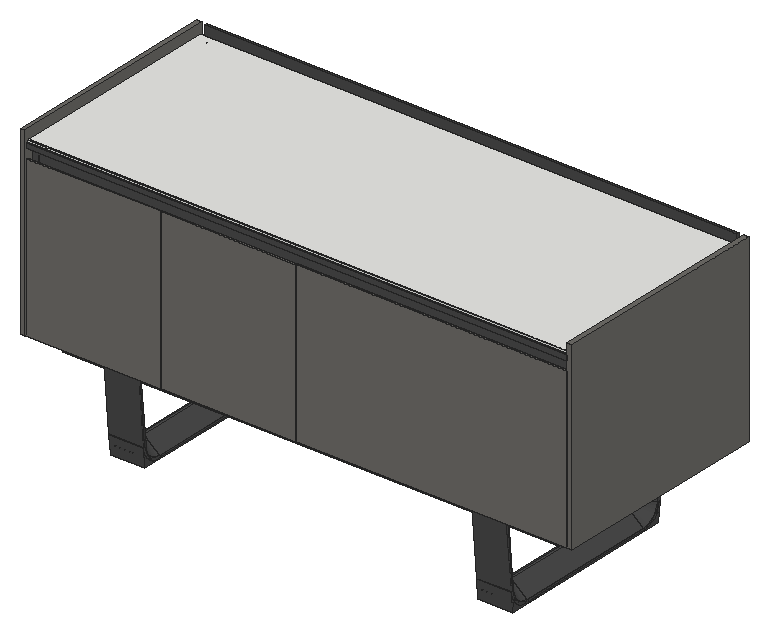
Revit family "Storage-Teknion-CW2A_C+D_Two_Storage_Credenza_29_Height_Elevated_Base-R2020", category Furniture, Revit 2020 (continued)
Automatic sketch dimensions
  Sweep 20 sketch curve to profile plane = 0.6063"
  profile plane to Sweep 21 sketch curve = 0.21654"
  profile plane to Sweep 21 sketch curve = 0.05906"
  level to Revolve 22 sketch curve = 0.080"
  Revolve 22 sketch curve to Revolve 22 sketch curve = 0.000"
  Revolve 23 sketch curve to Revolve 23 sketch curve = 0.045"
  Revolve 24 sketch curve to Revolve 24 sketch curve = 0.045"
  Revolve 25 sketch curve to Revolve 25 sketch curve = 0.045"
  Sweep 26 sketch curve to plane 10 = 0.90373"
  plane 9 to Sweep 26 sketch curve = 0.90373"
  level to Sweep 26 sketch curve = 0.22859"
  Sweep 26 sketch curve to profile plane = 0.000"
  Sweep 26 sketch curve to Sweep 26 sketch curve = 0.00209"
  Sweep 26 sketch curve to Sweep 26 sketch curve = 0.04629"
  Sweep 26 sketch curve to Sweep 26 sketch curve = 0.15188"
  Sweep 27 sketch curve to plane 10 = 0.90373"
  plane 9 to Sweep 27 sketch curve = 0.90373"
  Sweep 27 sketch curve to Sweep 27 sketch curve = 0.00209"  (x2)
  Sweep 27 sketch curve to Sweep 27 sketch curve = 0.15188"
  Sweep 30 sketch curve to Sweep 30 sketch curve = 0.250"  (x4)
  Sweep 31 sketch curve to Sweep 31 sketch curve = 0.250"  (x3)
  Sweep 31 sketch curve to profile plane = 4.750"
  Masking region 1 sketch curve to plane 14 = 0.02953"
  Masking region 1 sketch curve to plane 6 "Back" = 0.05906"
  plane 7 "Front" to curve 98 = 2.000"
  curve 97 to curve 98 = 2.000"
  plane 7 "Front" to curve 100 = 2.000"
  curve 97 to curve 100 = 2.000"
  plane 7 "Front" to curve 3 = 0.000"
  plane 7 "Front" to curve 1 = 0.000"
  curve 5 to plane 6 "Back" = 0.000"
  curve 11 to plane 6 "Back" = 0.000"
  curve 1 to plane 6 "Back" = 0.000"
  curve 3 to plane 6 "Back" = 0.000"
  curve 6 to plane 6 "Back" = 0.000"
  curve 36 to curve 21 = 0.5853"
  plane 1 "Center Front/Back" to curve 60 = 1.98365"
  curve 64 to plane 1 "Center Front/Back" = 1.77772"
  curve 38 to plane 1 "Center Front/Back" = 1.87468"
  curve 39 to plane 1 "Center Front/Back" = 1.93624"
  curve 65 to curve 66 = 0.00085"
  curve 68 to curve 67 = 0.00085"
  curve 67 to curve 68 = 0.00085"
  curve 66 to curve 65 = 0.00085"
  curve 69 to curve 70 = 0.00086"
  curve 72 to curve 71 = 0.00086"
  curve 70 to curve 69 = 0.00085"
  curve 71 to curve 72 = 0.00085"
  curve 8 to plane 15 = 0.47047"
  curve 12 to curve 5 = 0.000"
  curve 82 to plane 7 "Front" = 0.03937"
  curve 96 to plane 7 "Front" = 0.03937"
  curve 83 to plane 7 "Front" = 0.03937"
  curve 84 to plane 7 "Front" = 0.03937"
  curve 80 to curve 96 = 0.000"
  curve 78 to plane 7 "Front" = 0.03937"
  curve 73 to plane 7 "Front" = 0.03937"
  curve 94 to curve 83 = 0.000"
  curve 74 to plane 7 "Front" = 0.03937"
  curve 93 to curve 84 = 0.000"
  curve 85 to curve 84 = 0.000"
  curve 76 to plane 7 "Front" = 0.03937"
  curve 87 to curve 73 = 0.000"
  curve 91 to curve 73 = 0.000"
  curve 90 to curve 83 = 0.000"
  curve 88 to curve 80 = 0.000"
Nested families (in)
  nested 1: "Teknion_2D_Node_Family-R2020" at (0, 2, 0) x (0.7071, 0.7071, 0) z (0, 0, 1), visible <- "24 2D Node", type "Teknion_2D_Node_Family-R2020"
  nested 2: "Teknion_2D_Node_Family-R2020" at (60, 2, 0) x (0.7071, 0.7071, 0) z (0, 0, 1), visible <- "24 2D Node", type "Teknion_2D_Node_Family-R2020"
  nested 3: "Teknion_2D_Node_Family-R2020" at (0, -22, 0) x (0.7071, -0.7071, 0) z (0, 0, 1), visible <- "24 2D Node", type "Teknion_2D_Node_Family-R2020"
  nested 4: "Teknion_2D_Node_Family-R2020" at (60, -22, 0) x (0.7071, -0.7071, 0) z (0, 0, 1), visible <- "24 2D Node", type "Teknion_2D_Node_Family-R2020"
  nested 5: "Teknion_2D_Node_Family-R2020" at (0, 0, 0) x (0.7071, 0.7071, 0) z (0, 0, 1), visible <- "20 2D Node", type "Teknion_2D_Node_Family-R2020"
  nested 6: "Teknion_2D_Node_Family-R2020" at (0, -20, 0) x (0.7071, 0.7071, 0) z (0, 0, 1), visible <- "20 2D Node", type "Teknion_2D_Node_Family-R2020"
  nested 7: "Teknion_2D_Node_Family-R2020" at (60, -20, 0) x (0.7071, 0.7071, 0) z (0, 0, 1), visible <- "20 2D Node", type "Teknion_2D_Node_Family-R2020"
  nested 8: "Teknion_2D_Node_Family-R2020" at (60, 0, 0) x (0.7071, 0.7071, 0) z (0, 0, 1), visible <- "20 2D Node", type "Teknion_2D_Node_Family-R2020"
  nested 9: "Door-Swing_Symbol-Teknion-2D" at (7.91943, -21.23622, 0) x (-1, 0, 0) z (0, 0, 1), Swing Width <- "Door Size", visible <- "Left Door", type "Standard", detail levels fine
    with Swing Width 14.642", Door Thickness 0.724"
  nested 10: "Door-Swing_Symbol-Teknion-2D" at (22.63963, -21.23622, 0), Swing Width <- "Door Size", visible <- "Left Door", type "Standard", detail levels fine
    with Swing Width 14.642", Door Thickness 0.724"
  nested 11: "Door-Swing_Symbol-Teknion-2D" at (37.36037, -21.23622, 0) x (-1, 0, 0) z (0, 0, 1), Swing Width <- "Door Size", visible <- "Right Door", type "Standard", detail levels fine
    with Swing Width 14.642", Door Thickness 0.724"
  nested 12: "Door-Swing_Symbol-Teknion-2D" at (52.08057, -21.23622, 0), Swing Width <- "Door Size", visible <- "Right Door", type "Standard", detail levels fine
    with Swing Width 14.642", Door Thickness 0.724"
  nested 13: "Teknion_2D_Node_Family-R2020" at (30, 2, 0), visible <- "Middle 2D Node", type "Teknion_2D_Node_Family-R2020"
Definition of nested family "Teknion_2D_Node_Family-R2020"
  Reference planes (in)
    plane 1 "Center (Front/Back)": y = 0
    plane 2: z = 0
    plane 3 "Center (Left/Right)": x = 0
  Lines and regions (in)
    detail lines, in view "Ref. Level"
      curve 1: circle (0, 0, 0) r 1.25 normal (0, 0, 1)
      curve 2: line (1.91508, -1.91508, 0) -> (-1.91508, 1.91508, 0)
      curve 3: line (-1.91508, -1.91508, 0) -> (1.91508, 1.91508, 0)
Definition of nested family "Door-Swing_Symbol-Teknion-2D"
  Parameters (values of type "Standard")
    Swing Width [instance] = 26.000"
    Door Thickness [instance] = 2.000"
    Assembly Code = ""
  Reference planes (in)
    plane 1 "Center (Front/Back)": y = 0
    plane 2: z = 0
    plane 3 "Center (Left/Right)": x = 0
    plane 4: x = -13
    plane 5: x = 13
  Lines and regions (in)
    Masking region 1, in view "Ref. Level"
      outline origin (0, 0, 0) x (1, 0, 0) y (0, 1, 0)
        loop
          line (11, 0) -> (11, -26) -> (13, -26) -> (13, 0) -> (11, 0)
    detail lines, in view "Ref. Level"
      curve 1: line (13, 0, 0) -> (13, -26, 0)
      curve 2: arc (-13, 0, 0) -> (-5.38478, -18.38478, 0) -> (13, -26, 0) r 26
  Dimensions and locks (in)
    equal spacing: plane 4, plane 3 "Center (Left/Right)", plane 5
    "Swing Width": plane 4 to plane 5
    "Swing Width": curve 1 to plane 1 "Center (Front/Back)"
    "Swing Width": Masking region 1 sketch curve to Masking region 1 sketch curve
    "Door Thickness": Masking region 1 sketch curve to Masking region 1 sketch curve
    "Swing Width": radius of curve 2
    aligned and locked: plane 1 "Center (Front/Back)" to curve 1
    aligned and locked: plane 1 "Center (Front/Back)" to Masking region 1 sketch curve
    aligned and locked: Masking region 1 sketch curve to plane 5
  Automatic sketch dimensions
    curve 2 to plane 4 = 0.000"
Types (5): name | Width | Top Finish | Right Waste | Right V&A Cut out | Right V&A 2D Lines | Right Drawers | Right Double Door | Right Door | Middle 2D Node | Left Waste | Left V&A Cut Out | Left V&A 2D Lines | Left Double Door | Left Door | Door Size | Description | Case Finish | 24 2D Node | 20 2D Node | (VW) Left A/V with Upper Drawer , Right Waste | (WD) Left Waste , Right Drawers | Model | (CA) Left Closed Storage , Right A/V | (VC) Left A/V with Upper Drawer , Right Closed Storage | Depth
  (no name) | 60.000" | Laminate - StudioTK - RY - White Solid Core | yes | 8.000" | no | no | no | no | yes | no | 15.000" | yes | yes | yes | 14.642" | "C+D Two Storage Credenza, 29\" Height, Elevated Based, 24\" Depth, 60\" Width" | Veneer - Teknion - VP - Chia | yes | no | yes | no | "CW2A_2460" | no | no | 24.000"
  20D x 60W | 60.000" | Veneer -Teknion - UR - Rustic Oak - Natural | no | 8.000" | no | no | yes | yes | no | no | 15.000" | yes | yes | yes | 14.642" | "C+D Two Storage Credenza, 29\" Height, Elevated Based, 20\" Depth, 60\" Width" | Veneer -Teknion - UZ - Rustic Oak - Truffle | no | yes | no | no | "CW2A_2060" | no | yes | 20.000"
  20D x 72W | 72.000" | Back-painted Glass - BQ - Teknion - Anthracite | no | 15.000" | yes | no | yes | yes | no | no | 8.000" | no | yes | yes | 17.642" | "C+D Two Storage Credenza, 29\" Height, Elevated Based, 20\" Depth, 72\" Width" | Veneer - Teknion - VJ - Bistre | no | yes | no | no | "CW2A_2072" | yes | no | 20.000"
  24D x 72W | 72.000" | none | no | 8.000" | no | yes | no | no | yes | yes | 8.000" | no | no | no | 17.642" | "C+D Two Storage Credenza, 29\" Height, Elevated Based, 24\" Depth, 72\" Width" | Veneer - Teknion - VP - Chia | yes | no | no | yes | "CW2A_2472" | no | no | 24.000"
  24D x 60W | 60.000" | Laminate - StudioTK - RY - White Solid Core | yes | 8.000" | no | no | no | no | yes | no | 15.000" | yes | yes | yes | 14.642" | "C+D Two Storage Credenza, 29\" Height, Elevated Based, 24\" Depth, 60\" Width" | Veneer - Teknion - VP - Chia | yes | no | yes | no | "CW2A_2460" | no | no | 24.000"
